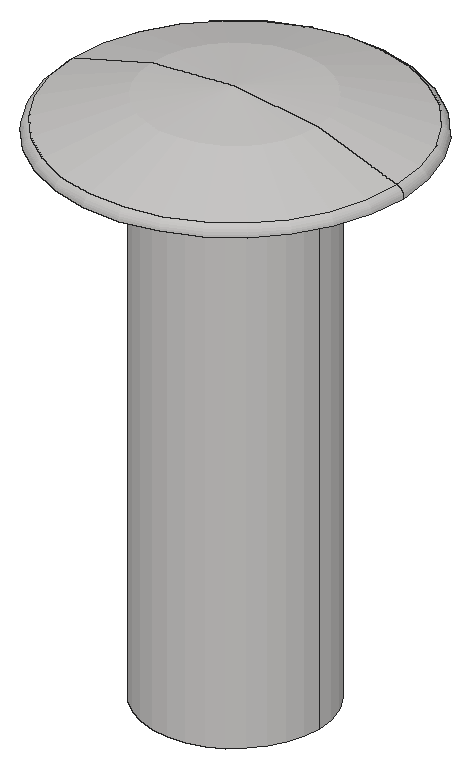
Revit family "PRD_FrankeWS_WshBsnsWsts_WasteAndOverflowSet_ZANMW902", category Plumbing Fixtures, Revit 2018
Family settings
  Round Connector Dimension = Use Diameter
  Part Type = Normal
  Work Plane-Based = Yes
  Always vertical = No
  Cut with Voids When Loaded = No
  Shared = Yes
  Room Calculation Point = No
Parameters (values of type "WasteAndOverflowSet ZANMW902")
  WasteValveMaterial = PRD_AR_StainlessSteel_SatinFinished
  WasteTrapType = "Other"
  WarrantyStartDate [instance] = "1900-12-31T23:59:59"
  WarrantyGuarantorParts = "n/a"
  WarrantyGuarantorLabor = "n/a"
  WarrantyDurationUnit = "year"
  WarrantyDurationParts = "n/a"
  WarrantyDurationLabor = "n/a"
  WarrantyDescription = "n/a"
  Version = "1"
  Uniclass2015Version = "Products v1.7"
  Uniclass2015Title = "Wash basins wastes"
  Uniclass2015Code = "Pr_70_55_96_97"
  URL = "www.kwc.com"
  TailPattern = "n/a"
  TagNumber [instance] = "n/a"
  SustainabilityPerformance = "n/a"
  Standard = "n/a"
  Size = "n/a"
  Shape = "n/a"
  SerialNumber [instance] = "n/a"
  Revision = "n/a"
  ReplacementCost = "n/a"
  ProductInformation = "https://pim.kwc.com/product/2000100932/attachment/datasheet?locale=en"
  OutletConnectionSize = 32 mm
  NominalWidth = 0 mm
  NominalLength = 0 mm
  NominalHeight = 0 mm
  NetWeight = 0.95 kg
  Name = "Waste and overflow set ZANMW902"
  NBSTypeID = "n/a"
  NBSReference = "45-35-70/372"
  NBSOfficeMasterTag = "n/a"
  NBSNote = "n/a"
  NBSDescription = "Wastes for wash basins"
  NBSCertification = "n/a"
  ModelReference = "ZANMW902"
  ModelNumber = "2000100932"
  Model = ModelReference  # "ZANMW902"
  MaterialsFinishAndColour = "n/a"
  MaterialsBody = "n/a"
  Material = "n/a"
  ManufacturerURL = "www.kwc.com"
  ManufacturerName = "KWC Group AG"  # constant formula
  Manufacturer = ManufacturerName  # "KWC Group AG"
  InstallationDate [instance] = "1900-12-31T23:59:59"
  InletConnectionSize = 0 mm
  IfcExportType = "WASTETRAP"
  IfcExportAs = "IfcWasteTerminalType"
  GrossWeight = 1.00 kg
  Grade = "n/a"
  Form = "n/a"
  Finish = "n/a"
  Features = "Waste and overflow set"
  ExpectedLife = "n/a"
  DurationUnit = "year"
  Description = "Waste and overflow set DN 32, with cap, for pillar taps with pop-up waste set, for washbasins without overflow hole."
  Default Elevation = 1219.2 mm
  Constituents = "n/a"
  Color = "n/a"
  CodePerformance = "n/a"
  Category = "Pr_70_55_96_97, Wash basins wastes"
  BarCode [instance] = "n/a"
  BIMObjectName = "PRD_AR_WashBasinsWastes_RondoWasteValve_WasteAndOverflowSet_ZANMW902"
  Author = "Archispace"  # constant formula
  AssetType = "Fixed"
  AssetIdentifier [instance] = "n/a"
  AccessibilityPerformance = "n/a"
Reference planes
  plane 1 "Center (Front/Back)": y = 0
  plane 2: z = 0
  plane 3 "Center (Left/Right)": x = 0
Forms (mm)
  Revolve 1, solid, material "PRD_AR_StainlessSteel_SatinFinished" <- "WasteValveMaterial", detail levels fine
    sketch origin (0, 0, 0) x (1, 0, 0) y (0, 0, 1)
      loop
        arc (0, 14) -> (-15.689, 12.446) -> (-30.769, 7.846) r 80
        arc (-30.769, 7.846) -> (-31.664, 7.109) -> (-32, 6) r 2
        line (-32, 6) -> (-16, 6) -> (-16, -90) -> (0, -90) -> (0, 14)
      axis (0, -90) -> (0, 14)
    angle from 0 to 360
  Revolve 2, solid, material "PRD_AR_StainlessSteel_SatinFinished" <- "WasteValveMaterial", detail levels medium
    sketch origin (0, 0, 0) x (1, 0, 0) y (0, 0, 1)
      loop
        line (32, 6) -> (0, 6) -> (0, -90) -> (16, -90) -> (16, 0) -> (32, 0) -> (32, 6)
      axis (0, -90) -> (0, 6)
    angle from 0 to 360
Dimensions and locks
  aligned and locked: level to plane 2
